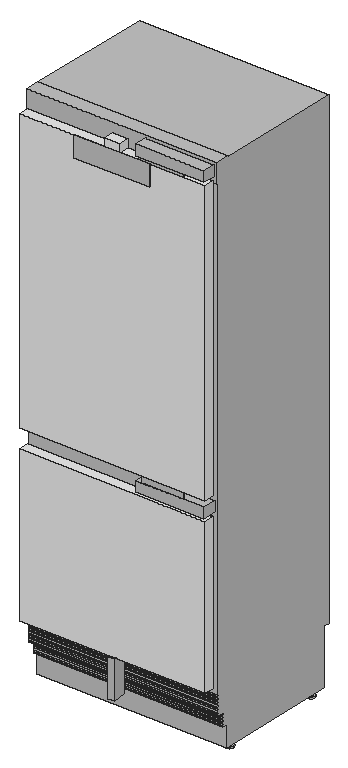
Revit family "FP_Revit_18_RS3084WRU1_Fridge_90001083A", category Specialty Equipment, Revit 2018 (continued)
Definition of nested family "Handle Professional Round - Vertical"
  Automatic sketch dimensions
    plane 1 "Center (Front/Back)" to Extrusion 2 sketch curve = 41.7 mm
    Extrusion 3 sketch curve to plane 3 "Center (Left/Right)" = 0 mm
    plane 1 "Center (Front/Back)" to Extrusion 3 sketch curve = 41.7 mm
    Sweep 4 sketch curve to profile plane = 0 mm  (x2)
    Sweep 4 sketch curve to profile plane = 3 mm  (x2)
    Sweep 5 sketch curve to profile plane = 0 mm  (x2)
    Sweep 5 sketch curve to profile plane = 3 mm  (x2)
    Extrusion 6 sketch curve to plane 3 "Center (Left/Right)" = 0 mm
    Extrusion 6 sketch curve to plane 3 "Center (Left/Right)" = 18.5 mm
    plane 1 "Center (Front/Back)" to Extrusion 6 sketch curve = 41.7 mm
    Extrusion 6 sketch curve to Extrusion 6 sketch curve = 41.7 mm
    Extrusion 7 sketch curve to plane 3 "Center (Left/Right)" = 0 mm
    Extrusion 7 sketch curve to plane 3 "Center (Left/Right)" = 18.5 mm
    plane 1 "Center (Front/Back)" to Extrusion 7 sketch curve = 41.7 mm
    Extrusion 7 sketch curve to Extrusion 7 sketch curve = 41.7 mm
    radius of Extrusion 3 sketch curve = 12.7 mm
Definition of nested family "Handle Professional Round Flush - Vertical"
  Parameters (values of type "AHP3-RD84 - Professional round flush handle (Vertical) 677mm")
    URL = "www.fisherpaykel.com"
    Material - Handle = none
    Manufacturer = "Fisher & Paykel Appliances"
    Handle - Length = 677 mm
  Types (4): name
    (no name)
    AHP3RD2484W - Professional round flush handle (1 of 2) (Vertical) 677mm
    AHP3RD3084W - Professional round flush handle (1 of 2) (Vertical) 677mm
    AHP3-RD84 - Professional round flush handle (Vertical) 677mm
  Reference planes
    plane 1 "Center (Front/Back)": y = 0
    plane 2: z = 0
    plane 3 "Center (Left/Right)": x = 0
    plane 4 "Top": z = 338.5
    plane 5 "Bottom": z = -338.5
    plane 6 "Top Standoff": z = 303.5
    plane 7 "Bottom Standoff": z = -303.5
  Forms (mm)
    Extrusion 1, solid, material <- "Material - Handle", detail levels fine
      sketch origin (0, 0, 0) x (1, 0, 0) y (0, 1, 0)
        loop
          arc (-12.817, -46.665) -> (0, -58.016) -> (12.817, -46.665) r 12.912
          line (12.817, -46.665) -> (18.5, 0) -> (-18.5, 0) -> (-12.817, -46.665)
      from 303.5 to 338.5
    Extrusion 2, solid, material <- "Material - Handle", detail levels fine
      sketch origin (0, 0, 0) x (1, 0, 0) y (0, 1, 0)
        loop
          arc (-12.817, -46.665) -> (0, -58.016) -> (12.817, -46.665) r 12.912
          line (12.817, -46.665) -> (18.5, 0) -> (-18.5, 0) -> (-12.817, -46.665)
      from -338.5 to -303.5
    Extrusion 3, solid, material <- "Material - Handle"
      sketch origin (0, 0, 0) x (1, 0, 0) y (0, 1, 0)
        loop
          circle (0, -45.116) r 12.7
      from -303.5 to 303.5
    Sweep 4, void
      path in 3D
        loop
          line (18.5, 0, 338.5) -> (12.817, -46.665, 338.5)
          arc (12.817, -46.665, 338.5) -> (0, -58.016, 338.5) -> (-12.817, -46.665, 338.5) r 12.912
          line (-12.817, -46.665, 338.5) -> (-18.5, 0, 338.5)
      profile origin (0, -58.016, 338.5) x (0, -1, 0) y (0, 0, 1)
        loop
          line (0, 0) -> (-1.5, 0) -> (0, -1.5) -> (0, 0)
    Sweep 5, void
      path in 3D
        loop
          line (-18.5, 0, -338.5) -> (-12.817, -46.665, -338.5)
          arc (-12.817, -46.665, -338.5) -> (0, -58.016, -338.5) -> (12.817, -46.665, -338.5) r 12.912
          line (12.817, -46.665, -338.5) -> (18.5, 0, -338.5)
      profile origin (0, -58.016, -338.5) x (0, -1, 0) y (0, 0, -1)
        loop
          line (0, 0) -> (-1.5, 0) -> (0, -1.5) -> (0, 0)
    Extrusion 6, solid, material <- "Material - Handle", detail levels coarse+medium
      sketch origin (0, 0, 0) x (1, 0, 0) y (0, 1, 0)
        loop
          arc (-12.817, -46.665) -> (0, -58.016) -> (12.817, -46.665) r 12.912
          line (12.817, -46.665) -> (18.5, 0) -> (-18.5, 0) -> (-12.817, -46.665)
      from 303.5 to 338.5
    Extrusion 7, solid, material <- "Material - Handle", detail levels coarse+medium
      sketch origin (0, 0, 0) x (1, 0, 0) y (0, 1, 0)
        loop
          arc (-12.817, -46.665) -> (0, -58.016) -> (12.817, -46.665) r 12.912
          line (12.817, -46.665) -> (18.5, 0) -> (-18.5, 0) -> (-12.817, -46.665)
      from -338.5 to -303.5
  Cuts and joins
    Sweep 4 cuts Extrusion 1
    Sweep 5 cuts Extrusion 2
  Lines and regions (mm)
    sketch lines
      curve 1: arc (12.817, -46.665, 338.5) -> (0, -58.016, 338.5) -> (-12.817, -46.665, 338.5) r 12.912
      curve 2: line (12.817, -46.665, 338.5) -> (18.5, 0, 338.5)
      curve 3: line (-18.5, 0, 338.5) -> (-12.817, -46.665, 338.5)
      curve 4: arc (-12.817, -46.665, -338.5) -> (0, -58.016, -338.5) -> (12.817, -46.665, -338.5) r 12.912
      curve 5: line (18.5, 0, -338.5) -> (12.817, -46.665, -338.5)
      curve 6: line (-12.817, -46.665, -338.5) -> (-18.5, 0, -338.5)
  Dimensions and locks
    equal spacing: plane 4 "Top", level, plane 5 "Bottom"
    "Handle - Length": plane 4 "Top" to plane 5 "Bottom"
    aligned and locked: level to plane 2
    aligned and locked: plane 4 "Top" to Extrusion 1
    aligned and locked: Extrusion 1 to plane 6 "Top Standoff"
    aligned and locked: Extrusion 2 to plane 5 "Bottom"
    aligned and locked: plane 1 "Center (Front/Back)" to Extrusion 2 sketch curve
    aligned and locked: plane 6 "Top Standoff" to Extrusion 3
    aligned and locked: Extrusion 3 to plane 7 "Bottom Standoff"
  Automatic sketch dimensions
    plane 1 "Center (Front/Back)" to Extrusion 1 sketch curve = 0 mm
    Extrusion 1 sketch curve to plane 3 "Center (Left/Right)" = 0 mm
    Extrusion 1 sketch curve to plane 3 "Center (Left/Right)" = 12.817 mm
    Extrusion 1 sketch curve to plane 3 "Center (Left/Right)" = 18.5 mm
    plane 3 "Center (Left/Right)" to Extrusion 1 sketch curve = 12.817 mm
    plane 3 "Center (Left/Right)" to Extrusion 1 sketch curve = 18.5 mm
    plane 1 "Center (Front/Back)" to Extrusion 1 sketch curve = 45.104 mm
    Extrusion 1 sketch curve to Extrusion 1 sketch curve = 1.561 mm
    Extrusion 2 sketch curve to plane 3 "Center (Left/Right)" = 0 mm
    Extrusion 2 sketch curve to plane 3 "Center (Left/Right)" = 12.817 mm
    Extrusion 2 sketch curve to plane 3 "Center (Left/Right)" = 18.5 mm
    plane 3 "Center (Left/Right)" to Extrusion 2 sketch curve = 12.817 mm
    plane 3 "Center (Left/Right)" to Extrusion 2 sketch curve = 18.5 mm
    plane 1 "Center (Front/Back)" to Extrusion 2 sketch curve = 45.104 mm
    Extrusion 2 sketch curve to Extrusion 2 sketch curve = 1.561 mm
    Extrusion 3 sketch curve to plane 3 "Center (Left/Right)" = 0 mm
    plane 1 "Center (Front/Back)" to Extrusion 3 sketch curve = 45.116 mm
    Sweep 4 sketch curve to profile plane = 0 mm  (x2)
    profile plane to Sweep 4 sketch curve = 1.5 mm
    Sweep 4 sketch curve to profile plane = 1.5 mm
    profile plane to Sweep 5 sketch curve = 0 mm
    Sweep 5 sketch curve to profile plane = 0 mm
    profile plane to Sweep 5 sketch curve = 1.5 mm
    Sweep 5 sketch curve to profile plane = 1.5 mm
    Extrusion 6 sketch curve to plane 3 "Center (Left/Right)" = 0 mm
    Extrusion 6 sketch curve to plane 3 "Center (Left/Right)" = 12.817 mm
    Extrusion 6 sketch curve to plane 3 "Center (Left/Right)" = 18.5 mm
    plane 3 "Center (Left/Right)" to Extrusion 6 sketch curve = 12.817 mm
    plane 3 "Center (Left/Right)" to Extrusion 6 sketch curve = 18.5 mm
    plane 1 "Center (Front/Back)" to Extrusion 6 sketch curve = 46.665 mm
    Extrusion 6 sketch curve to Extrusion 6 sketch curve = 1.561 mm
    Extrusion 6 sketch curve to Extrusion 6 sketch curve = 46.665 mm
    Extrusion 7 sketch curve to plane 3 "Center (Left/Right)" = 0 mm
    Extrusion 7 sketch curve to plane 3 "Center (Left/Right)" = 12.817 mm
    Extrusion 7 sketch curve to plane 3 "Center (Left/Right)" = 18.5 mm
    plane 3 "Center (Left/Right)" to Extrusion 7 sketch curve = 12.817 mm
    plane 3 "Center (Left/Right)" to Extrusion 7 sketch curve = 18.5 mm
    plane 1 "Center (Front/Back)" to Extrusion 7 sketch curve = 46.665 mm
    Extrusion 7 sketch curve to Extrusion 7 sketch curve = 1.561 mm
    Extrusion 7 sketch curve to Extrusion 7 sketch curve = 46.665 mm
    radius of Extrusion 3 sketch curve = 12.7 mm
Definition of nested family "Handle Professional Square - Vertical"
  Parameters (values of type "AHV2RS3272A - Professional square handle (1 of 2) (Vertical) 727mm")
    URL = "www.fisherpaykel.com"
    Material - Handle = none
    Manufacturer = "Fisher & Paykel Appliances"
    Handle - Length = 727 mm
  Types (5, lengths in mm): name | Handle - Length
    (no name) | 727
    AHV2RD2484W - Professional square handle (1 of 2) (Vertical) 727mm | 727
    AHV2RD3084W - Professional square handle (1 of 2) (Vertical) 727mm | 727
    AHV2-RD84 - Professional square handle (Vertical) 792mm | 792
    AHV2RS3272A - Professional square handle (1 of 2) (Vertical) 727mm | 727
  Reference planes
    plane 1 "Center (Front/Back)": y = 0
    plane 2: z = 0
    plane 3 "Center (Left/Right)": x = 0
    plane 4 "Top": z = 363.5
    plane 5 "Bottom": z = -363.5
    plane 6 "Top Standoff": z = 313.5
    plane 7 "Bottom Standoff": z = -313.5
  Forms (mm)
    Extrusion 1, solid, material <- "Material - Handle", detail levels fine
      sketch origin (0, 0, 0) x (0, 1, 0) y (0, 0, 1)
        loop
          line (0, 363.5) -> (-40, 363.5)
          arc (-40, 363.5) -> (-47.071, 360.571) -> (-50, 353.5) r 10
          line (-50, 353.5) -> (-50, 313.5) -> (0, 313.5) -> (0, 363.5)
        loop
          line (0, -363.5) -> (0, -313.5) -> (-50, -313.5) -> (-50, -353.5)
          arc (-50, -353.5) -> (-47.071, -360.571) -> (-40, -363.5) r 10
          line (-40, -363.5) -> (0, -363.5)
      from -17.5 to 17.5
    Sweep 2, void
      path in 3D
        loop
          line (17.5, 0, 363.5) -> (17.5, -40, 363.5)
          arc (17.5, -40, 363.5) -> (17.5, -47.071, 360.571) -> (17.5, -50, 353.5) r 10
          line (17.5, -50, 353.5) -> (17.5, -50, 313.5)
      profile origin (17.5, -20, 363.5) x (1, 0, 0) y (0, 0, 1)
        loop
          line (0, 0) -> (-2.5, 0) -> (0, -2.5) -> (0, 0)
    Sweep 3, void
      path in 3D
        loop
          line (-17.5, -50, 313.5) -> (-17.5, -50, 353.5)
          arc (-17.5, -50, 353.5) -> (-17.5, -47.071, 360.571) -> (-17.5, -40, 363.5) r 10
          line (-17.5, -40, 363.5) -> (-17.5, 0, 363.5)
      profile origin (-17.5, -20, 363.5) x (-1, 0, 0) y (0, 0, 1)
        loop
          line (0, 0) -> (-2.5, 0) -> (0, -2.5) -> (0, 0)
    Sweep 4, void
      path in 3D
        loop
          line (17.5, -50, -313.5) -> (17.5, -50, -353.5)
          arc (17.5, -50, -353.5) -> (17.5, -47.071, -360.571) -> (17.5, -40, -363.5) r 10
          line (17.5, -40, -363.5) -> (17.5, 0, -363.5)
      profile origin (17.5, -20, -363.5) x (1, 0, 0) y (0, 0, -1)
        loop
          line (0, 0) -> (-2.5, 0) -> (0, -2.5) -> (0, 0)
    Sweep 5, void
      path in 3D
        loop
          line (-17.5, 0, -363.5) -> (-17.5, -40, -363.5)
          arc (-17.5, -40, -363.5) -> (-17.5, -47.071, -360.571) -> (-17.5, -50, -353.5) r 10
          line (-17.5, -50, -353.5) -> (-17.5, -50, -313.5)
      profile origin (-17.5, -20, -363.5) x (-1, 0, 0) y (0, 0, -1)
        loop
          line (0, 0) -> (-2.5, 0) -> (0, -2.5) -> (0, 0)
    Extrusion 6, solid, material <- "Material - Handle", detail levels fine
      sketch origin (0, 0, 0) x (1, 0, 0) y (0, 1, 0)
        loop
          line (-15.5, -36.737) -> (-15.5, -46.422) -> (-14.172, -47.75) -> (14.172, -47.75) -> (15.5, -46.422) -> (15.5, -36.737)
          arc (15.5, -36.737) -> (0, -32.25) -> (-15.5, -36.737) r 29.013
      from -313.5 to 313.5
    Extrusion 7, solid, material <- "Material - Handle", detail levels coarse+medium
      sketch origin (0, 0, 0) x (0, 1, 0) y (0, 0, 1)
        loop
          line (0, 363.5) -> (-40, 363.5)
          arc (-40, 363.5) -> (-47.071, 360.571) -> (-50, 353.5) r 10
          line (-50, 353.5) -> (-50, -353.5)
          arc (-50, -353.5) -> (-47.071, -360.571) -> (-40, -363.5) r 10
          line (-40, -363.5) -> (0, -363.5) -> (0, -313.5) -> (-31.95, -313.5) -> (-31.95, 313.5) -> (0, 313.5) -> (0, 363.5)
      from -17.5 to 17.5
  Cuts and joins
    Sweep 2, Sweep 3, Sweep 4, Sweep 5 cuts Extrusion 1
  Lines and regions (mm)
    sketch lines
      curve 1: line (17.5, 0, 363.5) -> (17.5, -40, 363.5)
      curve 2: arc (17.5, -50, 353.5) -> (17.5, -47.071, 360.571) -> (17.5, -40, 363.5) r 10
      curve 3: line (17.5, -50, 353.5) -> (17.5, -50, 313.5)
      curve 4: line (-17.5, -40, 363.5) -> (-17.5, 0, 363.5)
      curve 5: arc (-17.5, -40, 363.5) -> (-17.5, -47.071, 360.571) -> (-17.5, -50, 353.5) r 10
      curve 6: line (-17.5, -50, 313.5) -> (-17.5, -50, 353.5)
      curve 7: line (17.5, -40, -363.5) -> (17.5, 0, -363.5)
      curve 8: arc (17.5, -40, -363.5) -> (17.5, -47.071, -360.571) -> (17.5, -50, -353.5) r 10
      curve 9: line (17.5, -50, -313.5) -> (17.5, -50, -353.5)
      curve 10: line (-17.5, 0, -363.5) -> (-17.5, -40, -363.5)
      curve 11: arc (-17.5, -50, -353.5) -> (-17.5, -47.071, -360.571) -> (-17.5, -40, -363.5) r 10
      curve 12: line (-17.5, -50, -353.5) -> (-17.5, -50, -313.5)
  Dimensions and locks
    equal spacing: plane 4 "Top", level, plane 5 "Bottom"
    "Handle - Length": plane 4 "Top" to plane 5 "Bottom"
    plane 7 "Bottom Standoff" to plane 5 "Bottom" = 50 mm
    plane 4 "Top" to plane 6 "Top Standoff" = 50 mm
    aligned and locked: level to plane 2
    aligned and locked: plane 4 "Top" to Extrusion 1 sketch curve
    aligned and locked: plane 5 "Bottom" to Extrusion 1 sketch curve
    aligned and locked: Extrusion 1 sketch curve to plane 1 "Center (Front/Back)"
    aligned and locked: plane 1 "Center (Front/Back)" to Extrusion 1 sketch curve
    aligned and locked: plane 6 "Top Standoff" to Extrusion 1 sketch curve
    aligned and locked: plane 7 "Bottom Standoff" to Extrusion 1 sketch curve
    aligned and locked: plane 6 "Top Standoff" to Extrusion 6
    aligned and locked: Extrusion 6 to plane 7 "Bottom Standoff"
    aligned and locked: plane 4 "Top" to Extrusion 7 sketch curve
    aligned and locked: plane 6 "Top Standoff" to Extrusion 7 sketch curve
    aligned and locked: plane 1 "Center (Front/Back)" to Extrusion 7 sketch curve
    aligned and locked: plane 7 "Bottom Standoff" to Extrusion 7 sketch curve
    aligned and locked: plane 5 "Bottom" to Extrusion 7 sketch curve
    aligned and locked: Extrusion 7 sketch curve to plane 1 "Center (Front/Back)"
  Automatic sketch dimensions
    Sweep 2 sketch curve to profile plane = 0 mm
    profile plane to Sweep 2 sketch curve = 0 mm
    profile plane to Sweep 2 sketch curve = 2.5 mm
    Sweep 2 sketch curve to profile plane = 2.5 mm
    Sweep 3 sketch curve to profile plane = 0 mm  (x2)
    profile plane to Sweep 3 sketch curve = 2.5 mm
    Sweep 3 sketch curve to profile plane = 2.5 mm
    Sweep 4 sketch curve to profile plane = 0 mm
    profile plane to Sweep 4 sketch curve = 0 mm
    profile plane to Sweep 4 sketch curve = 2.5 mm
    Sweep 4 sketch curve to profile plane = 2.5 mm
    Sweep 5 sketch curve to profile plane = 0 mm  (x2)
    profile plane to Sweep 5 sketch curve = 2.5 mm
    Sweep 5 sketch curve to profile plane = 2.5 mm
    plane 1 "Center (Front/Back)" to Extrusion 1 sketch curve = 40 mm  (x2)
    Extrusion 1 sketch curve to Extrusion 1 sketch curve = 10 mm  (x2)
    Extrusion 6 sketch curve to plane 3 "Center (Left/Right)" = 0 mm
    Extrusion 6 sketch curve to Extrusion 6 sketch curve = 1.328 mm  (x4)
    plane 1 "Center (Front/Back)" to Extrusion 6 sketch curve = 61.263 mm
    Extrusion 6 sketch curve to Extrusion 6 sketch curve = 13.513 mm
    Extrusion 6 sketch curve to Extrusion 6 sketch curve = 9.684 mm  (x2)
    Extrusion 6 sketch curve to plane 3 "Center (Left/Right)" = 14.172 mm
    plane 1 "Center (Front/Back)" to Extrusion 7 sketch curve = 31.95 mm
    plane 1 "Center (Front/Back)" to Extrusion 7 sketch curve = 40 mm  (x2)
    Extrusion 7 sketch curve to plane 4 "Top" = 10 mm
Definition of nested family "Handle Contemporary Round - Horizontal"
  Parameters (values of type "AHSRS80A - Contemporary round handle (2 of 2) (Horizontal) 646mm")
    URL = "www.fisherpaykel.com"
    Product - Width = 646 mm
    Material - Handle = none
    Manufacturer = "Fisher & Paykel Appliances"
  Types (5, lengths in mm): name | Product - Width
    (no name) | 646
    AHSRD2484W - Contemporary round handle (2 of 2) (Horizontal) 494mm | 494
    AHSRD3084W - Contemporary round handle (2 of 2) (Horizontal) 646mm | 646
    AHSRS3272A - Contemporary round handle (2 of 2) (Horizontal) 646mm | 646
    AHSRS80A - Contemporary round handle (2 of 2) (Horizontal) 646mm | 646
  Reference planes
    plane 1 "Center (Front/Back)": y = 0
    plane 2: z = 0
    plane 3 "Center (Left/Right)": x = 0
    plane 4 "Product LHS": x = -323
    plane 5 "Product RHS": x = 323
    plane 6 "LHS Standoff": x = -202.995
    plane 7 "RHS Standoff": x = 203.005
  Forms (mm)
    Extrusion 1, solid, material <- "Material - Handle"
      sketch origin (0, 0, 0) x (0, 1, 0) y (0, 0, 1)
        loop
          circle (-32.3, 0) r 8.7
      from -202.995 to 203.005
    Extrusion 2, solid, material <- "Material - Handle", detail levels fine
      sketch origin (0, 0, 0) x (0, 1, 0) y (0, 0, 1)
        loop
          line (0, 8.7) -> (-32.3, 8.7)
          arc (-32.3, 8.7) -> (-41, 0) -> (-32.3, -8.7) r 8.7
          line (-32.3, -8.7) -> (0, -8.7) -> (0, 8.7)
      from 203.005 to 323
    Extrusion 3, solid, material <- "Material - Handle", detail levels fine
      sketch origin (0, 0, 0) x (0, 1, 0) y (0, 0, -1)
        loop
          line (0, -8.7) -> (0, 8.7) -> (-32.3, 8.7)
          arc (-32.3, 8.7) -> (-41, 0) -> (-32.3, -8.7) r 8.7
          line (-32.3, -8.7) -> (0, -8.7)
      from 202.995 to 323
    Sweep 4, void
      path in 3D
        loop
          line (323, 0, 8.7) -> (323, -32.3, 8.7)
          arc (323, -32.3, 8.7) -> (323, -41, 0) -> (323, -32.3, -8.7) r 8.7
          line (323, -32.3, -8.7) -> (323, 0, -8.7)
      profile origin (323, -16.15, 8.7) x (1, 0, 0) y (0, 0, 1)
        loop
          line (0, 0) -> (-1, 0) -> (0, -1) -> (0, 0)
    Sweep 5, void
      path in 3D
        loop
          line (-323, 0, -8.7) -> (-323, -32.3, -8.7)
          arc (-323, -32.3, -8.7) -> (-323, -41, 0) -> (-323, -32.3, 8.7) r 8.7
          line (-323, -32.3, 8.7) -> (-323, 0, 8.7)
      profile origin (-323, -16.15, 8.7) x (-1, 0, 0) y (0, 0, 1)
        loop
          line (0, 0) -> (-1, 0) -> (0, -1) -> (0, 0)
    Extrusion 6, solid, material <- "Material - Handle", detail levels coarse+medium
      sketch origin (0, 0, 0) x (0, 1, 0) y (0, 0, 1)
        loop
          line (0, 8.7) -> (-32.3, 8.7)
          arc (-32.3, 8.7) -> (-41, 0) -> (-32.3, -8.7) r 8.7
          line (-32.3, -8.7) -> (0, -8.7) -> (0, 8.7)
      from 203.005 to 323
    Extrusion 7, solid, material <- "Material - Handle", detail levels coarse+medium
      sketch origin (0, 0, 0) x (0, 1, 0) y (0, 0, -1)
        loop
          line (0, -8.7) -> (0, 8.7) -> (-32.3, 8.7)
          arc (-32.3, 8.7) -> (-41, 0) -> (-32.3, -8.7) r 8.7
          line (-32.3, -8.7) -> (0, -8.7)
      from 202.995 to 323
  Cuts and joins
    Sweep 4 cuts Extrusion 2
    Sweep 5 cuts Extrusion 3
  Lines and regions (mm)
    sketch lines
      curve 1: line (323, 0, 8.7) -> (323, -32.3, 8.7)
      curve 2: arc (323, -32.3, -8.7) -> (323, -41, 0) -> (323, -32.3, 8.7) r 8.7
      curve 3: line (323, -32.3, -8.7) -> (323, 0, -8.7)
      curve 4: line (-323, -32.3, 8.7) -> (-323, 0, 8.7)
      curve 5: arc (-323, -32.3, 8.7) -> (-323, -41, 0) -> (-323, -32.3, -8.7) r 8.7
      curve 6: line (-323, 0, -8.7) -> (-323, -32.3, -8.7)
  Dimensions and locks
    equal spacing: plane 4 "Product LHS", plane 3 "Center (Left/Right)", plane 5 "Product RHS"
    "Product - Width": plane 4 "Product LHS" to plane 5 "Product RHS"
    locked: plane 4 "Product LHS" to plane 6 "LHS Standoff" at 120.005
    locked: plane 7 "RHS Standoff" to plane 5 "Product RHS" at 119.995
    equal spacing: Extrusion 2 sketch curve, level, Extrusion 2 sketch curve
    Extrusion 3 sketch curve to Extrusion 3 sketch curve = 17.4 mm
    Extrusion 6 sketch curve to Extrusion 6 sketch curve = 17.4 mm
    Extrusion 7 sketch curve to Extrusion 7 sketch curve = 17.4 mm
    aligned and locked: level to plane 2
    aligned and locked: plane 7 "RHS Standoff" to Extrusion 1
    aligned and locked: Extrusion 2 to Extrusion 1
    aligned and locked: Extrusion 2 to plane 5 "Product RHS"
    aligned and locked: plane 4 "Product LHS" to Extrusion 3
    aligned and locked: plane 6 "LHS Standoff" to Extrusion 3
    aligned and locked: Extrusion 1 to plane 6 "LHS Standoff"
    aligned and locked: Extrusion 6 to Extrusion 1
    aligned and locked: Extrusion 6 to plane 5 "Product RHS"
    aligned and locked: plane 4 "Product LHS" to Extrusion 7
    aligned and locked: Extrusion 7 to Extrusion 1
  Automatic sketch dimensions
    Extrusion 1 sketch curve to level = 0 mm
    plane 1 "Center (Front/Back)" to Extrusion 1 sketch curve = 32.3 mm
    Extrusion 2 sketch curve to plane 1 "Center (Front/Back)" = 0 mm
    Extrusion 2 sketch curve to level = 8.7 mm
    plane 1 "Center (Front/Back)" to Extrusion 2 sketch curve = 32.3 mm
    Extrusion 3 sketch curve to level = 0 mm
    Extrusion 3 sketch curve to plane 1 "Center (Front/Back)" = 0 mm
    Extrusion 3 sketch curve to level = 8.7 mm
    plane 1 "Center (Front/Back)" to Extrusion 3 sketch curve = 32.3 mm
    Sweep 4 sketch curve to profile plane = 0 mm
    profile plane to Sweep 4 sketch curve = 0 mm
    profile plane to Sweep 4 sketch curve = 1 mm
    Sweep 4 sketch curve to profile plane = 1 mm
    Sweep 5 sketch curve to profile plane = 0 mm  (x2)
    profile plane to Sweep 5 sketch curve = 1 mm
    Sweep 5 sketch curve to profile plane = 1 mm
    Extrusion 6 sketch curve to level = 0 mm
    level to Extrusion 6 sketch curve = 8.7 mm
    plane 1 "Center (Front/Back)" to Extrusion 6 sketch curve = 32.3 mm
    Extrusion 6 sketch curve to Extrusion 6 sketch curve = 32.3 mm
    Extrusion 7 sketch curve to level = 0 mm
    level to Extrusion 7 sketch curve = 8.7 mm
    plane 1 "Center (Front/Back)" to Extrusion 7 sketch curve = 32.3 mm
    Extrusion 7 sketch curve to Extrusion 7 sketch curve = 32.3 mm
    radius of Extrusion 1 sketch curve = 8.7 mm
Definition of nested family "Handle Contemporary Square - Horizontal"
  Parameters (values of type "AHD3RD3084W - Contemporary square handle (2 of 2) (Horizontal) 646mm")
    URL = "www.fisherpaykel.com"
    Material - Handle = none
    Manufacturer = "Fisher & Paykel Appliances"
    Handle - Length = 646 mm
  Types (5, lengths in mm): name | Handle - Length
    (no name) | 646
    AHD3RD2484W - Contemporary square handle (2 of 2) (Horizontal) 494mm | 494
    AHD3RD3084W - Contemporary square handle (2 of 2) (Horizontal) 646mm | 646
    AHD3RS3272A - Contemporary square handle (2 of 2) (Horizontal) 646mm | 646
    AHD3RS80A - Contemporary square handle (2 of 2) (Horizontal) 646mm | 646
  Reference planes
    plane 1 "Center (Front/Back)": y = 0
    plane 2: z = 0
    plane 3 "Center (Left/Right)": x = 0
    plane 4 "Product LHS": x = -323
    plane 5 "Product RHS": x = 323
    plane 6 "LHS Standoff": x = -202.995
    plane 7 "RHS Standoff": x = 203.005
  Forms (mm)
    Extrusion 1, solid, material <- "Material - Handle", detail levels fine
      sketch origin (0, 0, 0) x (0, 1, 0) y (0, 0, 1)
        loop
          arc (-28.701, 7.561) -> (-29.057, 7.868) -> (-29.514, 7.978) r 1
          line (-29.514, 7.978) -> (-40.5, 7.978)
          arc (-40.5, 7.978) -> (-41.561, 7.539) -> (-42, 6.478) r 1.5
          line (-42, 6.478) -> (-42, -6.522)
          arc (-42, -6.522) -> (-41.561, -7.583) -> (-40.5, -8.022) r 1.5
          line (-40.5, -8.022) -> (-29.487, -8.022)
          arc (-29.487, -8.022) -> (-29.029, -7.911) -> (-28.673, -7.602) r 1
          arc (-28.673, -7.602) -> (-26.256, -0.016) -> (-28.701, 7.561) r 13.038
      from -323 to 323
    Extrusion 2, solid, material <- "Material - Handle", detail levels fine
      sketch origin (0, 0, 0) x (0, 1, 0) y (0, 0, 1)
        loop
          arc (-28.23, 7.062) -> (-26.156, 0.008) -> (-28.198, -7.056) r 13.136
          arc (-28.198, -7.056) -> (-28.21, -7.463) -> (-27.86, -7.67) r 0.4
          line (-27.86, -7.67) -> (0, -7.67) -> (0, 7.678) -> (-27.893, 7.678)
          arc (-27.893, 7.678) -> (-28.244, 7.47) -> (-28.23, 7.062) r 0.4
      from 203.005 to 323
    Extrusion 3, solid, material <- "Material - Handle", detail levels fine
      sketch origin (0, 0, 0) x (0, 1, 0) y (0, 0, -1)
        loop
          arc (-28.23, -7.062) -> (-28.244, -7.47) -> (-27.893, -7.678) r 0.4
          line (-27.893, -7.678) -> (0, -7.678) -> (0, 7.67) -> (-27.86, 7.67)
          arc (-27.86, 7.67) -> (-28.21, 7.463) -> (-28.198, 7.056) r 0.4
          arc (-28.198, 7.056) -> (-26.156, -0.008) -> (-28.23, -7.062) r 13.136
      from 202.995 to 323
    Sweep 4, void
      path in 3D
        loop
          line (323, -29.514, 7.978) -> (323, -40.5, 7.978)
          arc (323, -40.5, 7.978) -> (323, -41.561, 7.539) -> (323, -42, 6.478) r 1.5
          line (323, -42, 6.478) -> (323, -42, -6.522)
          arc (323, -42, -6.522) -> (323, -41.561, -7.583) -> (323, -40.5, -8.022) r 1.5
          line (323, -40.5, -8.022) -> (323, -29.487, -8.022)
      profile origin (323, -35.007, 7.978) x (1, 0, 0) y (0, 0, 1)
        loop
          line (0, 0) -> (-1.3, 0) -> (0, -1.3) -> (0, 0)
    Sweep 5, void
      path in 3D
        loop
          line (-323, -29.487, -8.022) -> (-323, -40.5, -8.022)
          arc (-323, -40.5, -8.022) -> (-323, -41.561, -7.583) -> (-323, -42, -6.522) r 1.5
          line (-323, -42, -6.522) -> (-323, -42, 6.478)
          arc (-323, -42, 6.478) -> (-323, -41.561, 7.539) -> (-323, -40.5, 7.978) r 1.5
          line (-323, -40.5, 7.978) -> (-323, -29.514, 7.978)
      profile origin (-323, -35.007, 7.978) x (-1, 0, 0) y (0, 0, 1)
        loop
          line (0, 0) -> (-1.3, 0) -> (0, -1.3) -> (0, 0)
    Extrusion 6, void
      sketch origin (0, 0, 0) x (1, 0, 0) y (0, 0, 1)
        loop
          line (323, 7.978) -> (321.7, 7.978) -> (323, 6.678) -> (323, 7.978)
        loop
          line (323, -8.022) -> (323, -6.722) -> (321.7, -8.022) -> (323, -8.022)
      from 0 to 40
    Extrusion 7, void
      sketch origin (0, 0, 0) x (1, 0, 0) y (0, 0, 1)
        loop
          line (-323, 7.978) -> (-323, 6.678) -> (-321.7, 7.978) -> (-323, 7.978)
        loop
          line (-323, -8.022) -> (-321.7, -8.022) -> (-323, -6.722) -> (-323, -8.022)
      from 0 to 40
    Extrusion 8, solid, material <- "Material - Handle", detail levels coarse+medium
      sketch origin (0, 0, 0) x (1, 0, 0) y (0, 1, 0)
        loop
          line (-323, -42) -> (323, -42) -> (323, 0) -> (203.005, 0) -> (203.005, -26.156) -> (-202.995, -26.156) -> (-202.995, 0) -> (-323, 0) -> (-323, -42)
      from -8.022 to 7.978
  Cuts and joins
    Sweep 4, Sweep 5, Extrusion 6, Extrusion 7 cuts Extrusion 1
    Extrusion 6 cuts Extrusion 2
    Extrusion 7 cuts Extrusion 3
  Lines and regions (mm)
    sketch lines
      curve 1: line (323, -29.514, 7.978) -> (323, -40.5, 7.978)
      curve 2: arc (323, -42, 6.478) -> (323, -41.561, 7.539) -> (323, -40.5, 7.978) r 1.5
      curve 3: line (323, -42, 6.478) -> (323, -42, -6.522)
      curve 4: arc (323, -40.5, -8.022) -> (323, -41.561, -7.583) -> (323, -42, -6.522) r 1.5
      curve 5: line (323, -40.5, -8.022) -> (323, -29.487, -8.022)
      curve 6: line (-323, -40.5, 7.978) -> (-323, -29.514, 7.978)
      curve 7: arc (-323, -40.5, 7.978) -> (-323, -41.561, 7.539) -> (-323, -42, 6.478) r 1.5
      curve 8: line (-323, -42, -6.522) -> (-323, -42, 6.478)
      curve 9: arc (-323, -42, -6.522) -> (-323, -41.561, -7.583) -> (-323, -40.5, -8.022) r 1.5
      curve 10: line (-323, -29.487, -8.022) -> (-323, -40.5, -8.022)
  Dimensions and locks
    equal spacing: plane 4 "Product LHS", plane 3 "Center (Left/Right)", plane 5 "Product RHS"
    "Handle - Length": plane 4 "Product LHS" to plane 5 "Product RHS"
    locked: plane 4 "Product LHS" to plane 6 "LHS Standoff" at 120.005
    locked: plane 7 "RHS Standoff" to plane 5 "Product RHS" at 119.995
    aligned and locked: level to plane 2
    aligned and locked: Extrusion 1 to plane 5 "Product RHS"
    aligned and locked: plane 4 "Product LHS" to Extrusion 1
    aligned and locked: Extrusion 2 to plane 5 "Product RHS"
    aligned and locked: plane 4 "Product LHS" to Extrusion 3
    aligned and locked: plane 4 "Product LHS" to Extrusion 8 sketch curve
    aligned and locked: Extrusion 8 sketch curve to plane 5 "Product RHS"
    aligned and locked: Extrusion 8 sketch curve to plane 7 "RHS Standoff"
    aligned and locked: plane 6 "LHS Standoff" to Extrusion 8 sketch curve
    aligned and locked: Extrusion 2 to plane 7 "RHS Standoff"
    aligned and locked: plane 6 "LHS Standoff" to Extrusion 3
  Automatic sketch dimensions
    Extrusion 1 sketch curve to level = 6.522 mm
    plane 1 "Center (Front/Back)" to Extrusion 1 sketch curve = 42 mm
    Extrusion 1 sketch curve to Extrusion 1 sketch curve = 1.5 mm  (x2)
    Extrusion 1 sketch curve to level = 0.04 mm
    Extrusion 1 sketch curve to Extrusion 1 sketch curve = 1.206 mm
    level to Extrusion 1 sketch curve = 6.978 mm
    Extrusion 1 sketch curve to Extrusion 1 sketch curve = 10.986 mm
    Extrusion 1 sketch curve to Extrusion 1 sketch curve = 11.013 mm
    Extrusion 1 sketch curve to Extrusion 1 sketch curve = 1 mm
    level to Extrusion 1 sketch curve = 6.478 mm
    Extrusion 1 sketch curve to Extrusion 1 sketch curve = 0 mm
    Extrusion 2 sketch curve to plane 1 "Center (Front/Back)" = 0 mm
    Extrusion 2 sketch curve to level = 7.67 mm
    Extrusion 2 sketch curve to Extrusion 2 sketch curve = 27.86 mm
    level to Extrusion 2 sketch curve = 7.678 mm
    Extrusion 2 sketch curve to Extrusion 2 sketch curve = 0.033 mm
    Extrusion 2 sketch curve to level = 0.022 mm
    Extrusion 2 sketch curve to Extrusion 2 sketch curve = 11.398 mm
    Extrusion 2 sketch curve to Extrusion 2 sketch curve = 0.4 mm  (x2)
    Extrusion 2 sketch curve to Extrusion 2 sketch curve = 0 mm
    Extrusion 3 sketch curve to plane 1 "Center (Front/Back)" = 0 mm
    Extrusion 3 sketch curve to level = 7.67 mm
    Extrusion 3 sketch curve to Extrusion 3 sketch curve = 27.86 mm
    level to Extrusion 3 sketch curve = 7.678 mm
    Extrusion 3 sketch curve to Extrusion 3 sketch curve = 0.033 mm
    Extrusion 3 sketch curve to level = 0.022 mm
    Extrusion 3 sketch curve to Extrusion 3 sketch curve = 11.398 mm
    Extrusion 3 sketch curve to Extrusion 3 sketch curve = 0.4 mm  (x2)
    Extrusion 3 sketch curve to Extrusion 3 sketch curve = 0 mm
    profile plane to Sweep 4 sketch curve = 0 mm
    Sweep 4 sketch curve to profile plane = 0 mm
    Sweep 4 sketch curve to profile plane = 1.3 mm
    profile plane to Sweep 4 sketch curve = 1.3 mm
    Sweep 5 sketch curve to profile plane = 0 mm  (x2)
    profile plane to Sweep 5 sketch curve = 1.3 mm
    Sweep 5 sketch curve to profile plane = 1.3 mm
    plane 5 "Product RHS" to Extrusion 6 sketch curve = 0 mm  (x2)
    Extrusion 6 sketch curve to Extrusion 6 sketch curve = 1.3 mm  (x4)
    Extrusion 6 sketch curve to level = 6.722 mm
    level to Extrusion 6 sketch curve = 6.678 mm
    plane 4 "Product LHS" to Extrusion 7 sketch curve = 0 mm  (x2)
    Extrusion 7 sketch curve to plane 4 "Product LHS" = 1.3 mm  (x2)
    Extrusion 7 sketch curve to level = 8.022 mm
    level to Extrusion 7 sketch curve = 6.678 mm
    Extrusion 7 sketch curve to Extrusion 7 sketch curve = 1.3 mm  (x2)
    plane 1 "Center (Front/Back)" to Extrusion 8 sketch curve = 0 mm  (x2)
    Extrusion 8 sketch curve to Extrusion 8 sketch curve = 26.156 mm
    Extrusion 8 sketch curve to Extrusion 8 sketch curve = 42 mm
Definition of nested family "F&P Handle Kit - Contemporary Square Fine - Horizontal"
  Parameters (values of type "AHD5RD2484W - Contemporary square fine handle (2 of 2) (Horizontal) 494mm")
    URL = "www.fisherpaykel.com"
    Material - Handle = none
    Manufacturer = "Fisher & Paykel Appliances"
    Handle - Length = 494 mm
  Types (15, lengths in mm): name | Handle - Length
    (no name) | 494
    AHD5RD2484W - Contemporary square fine handle (2 of 2) (Horizontal) 494mm | 494
    AHD5RD2484WB - Contemporary square fine black handle (2 of 2) (Horizontal) 494mm | 494
    AHD5RD3084W - Contemporary square fine handle (2 of 2) (Horizontal) 646mm | 646
    AHD5RD3084WB - Contemporary square fine black handle (2 of 2) (Horizontal) 646mm | 646
    AHD5RD7621W - Contemporary square fine handle (2 of 2) (Horizontal) 646mm | 646
    AHD5RD7621WB - Contemporary square fine handle black (2 of 2) (Horizontal) 646mm | 646
    AHD5RD6121W - Contemporary square fine handle (2 of 2) (Horizontal) 494mm | 494
    AHD5RD6121WB - Contemporary square fine handle black (2 of 2) (Horizontal) 494mm | 494
    AHD5RD36A - Contemporary square fine handle (2 of 2) (Horizontal) 746mm | 746
    AHD5RD36AB - Contemporary square fine black handle (2 of 2) (Horizontal) 746mm | 746
    AHD5RD90A - Contemporary square fine handle (2 of 2) (Horizontal) 746mm | 746
    AHD5RD80A - Contemporary square fine handle (2 of 2) (Horizontal) 646mm | 646
    AHD5RD80AB - Contemporary square fine black handle (2 of 2) (Horizontal) 646mm | 646
    AHD5RD90AB - Contemporary square fine black handle (2 of 2) (Horizontal) 746mm | 746
  Reference planes
    plane 1 "Center (Front/Back)": y = 0
    plane 2: z = 0
    plane 3 "Center (Left/Right)": x = 0
    plane 4 "Product LHS": x = -247
    plane 5 "Product RHS": x = 247
    plane 6 "LHS Standoff": x = -126.995
    plane 7 "RHS Standoff": x = 127.005
  Forms (mm)
    Extrusion 1, solid, material <- "Material - Handle", detail levels fine
      sketch origin (0, 0, 0) x (0, 1, 0) y (0, 0, 1)
        loop
          arc (-26.813, 6.16) -> (-27.196, 6.554) -> (-27.728, 6.686) r 1
          line (-27.728, 6.686) -> (-40.035, 6.256)
          arc (-40.035, 6.256) -> (-40.719, 5.951) -> (-41, 5.257) r 1
          line (-41, 5.257) -> (-41, -5.257)
          arc (-41, -5.257) -> (-40.719, -5.951) -> (-40.035, -6.256) r 1
          line (-40.035, -6.256) -> (-27.709, -6.686)
          arc (-27.709, -6.686) -> (-27.175, -6.554) -> (-26.792, -6.158) r 1
          arc (-26.792, -6.158) -> (-25.256, 0.004) -> (-26.813, 6.16) r 13.038
      from -247 to 247
    Extrusion 2, solid, material <- "Material - Handle", detail levels fine
      sketch origin (0, 0, 0) x (0, 1, 0) y (0, 0, 1)
        loop
          arc (-26.626, -6.008) -> (-26.614, -6.49) -> (-26.2, -6.737) r 0.5
          line (-26.2, -6.737) -> (0, -7.696) -> (0, 7.704) -> (-26.174, 6.747)
          arc (-26.174, 6.747) -> (-26.587, 6.5) -> (-26.6, 6.019) r 0.5
          arc (-26.6, 6.019) -> (-25.156, 0.002) -> (-26.626, -6.008) r 13.136
      from 127.005 to 247
    Extrusion 3, solid, material <- "Material - Handle", detail levels coarse+medium
      sketch origin (0, 0, 0) x (1, 0, 0) y (0, 1, 0)
        loop
          line (-247, -42) -> (247, -42) -> (247, 0) -> (127.005, 0) -> (127.005, -26.156) -> (-126.995, -26.156) -> (-126.995, 0) -> (-247, 0) -> (-247, -42)
      from -8.022 to 7.978
    Extrusion 4, solid, material <- "Material - Handle", detail levels fine
      sketch origin (0, 0, 0) x (0, 1, 0) y (0, 0, 1)
        loop
          arc (-26.626, -6.008) -> (-26.614, -6.49) -> (-26.2, -6.737) r 0.5
          line (-26.2, -6.737) -> (0, -7.696) -> (0, 7.704) -> (-26.174, 6.747)
          arc (-26.174, 6.747) -> (-26.587, 6.5) -> (-26.6, 6.019) r 0.5
          arc (-26.6, 6.019) -> (-25.156, 0.002) -> (-26.626, -6.008) r 13.136
      from -247 to -126.995
  Dimensions and locks
    equal spacing: plane 4 "Product LHS", plane 3 "Center (Left/Right)", plane 5 "Product RHS"
    "Handle - Length": plane 4 "Product LHS" to plane 5 "Product RHS"
    locked: plane 4 "Product LHS" to plane 6 "LHS Standoff" at 120.005
    locked: plane 7 "RHS Standoff" to plane 5 "Product RHS" at 119.995
    aligned and locked: level to plane 2
    aligned and locked: Extrusion 1 to plane 5 "Product RHS"
    aligned and locked: plane 4 "Product LHS" to Extrusion 1
    aligned and locked: Extrusion 2 to plane 5 "Product RHS"
    aligned and locked: plane 4 "Product LHS" to Extrusion 3 sketch curve
    aligned and locked: Extrusion 3 sketch curve to plane 5 "Product RHS"
    aligned and locked: Extrusion 3 sketch curve to plane 7 "RHS Standoff"
    aligned and locked: plane 6 "LHS Standoff" to Extrusion 3 sketch curve
    aligned and locked: plane 4 "Product LHS" to Extrusion 4
    aligned and locked: plane 6 "LHS Standoff" to Extrusion 4
    aligned and locked: Extrusion 2 to plane 7 "RHS Standoff"
  Automatic sketch dimensions
    Extrusion 1 sketch curve to level = 5.257 mm
    plane 1 "Center (Front/Back)" to Extrusion 1 sketch curve = 41 mm
    level to Extrusion 1 sketch curve = 6.256 mm
    Extrusion 1 sketch curve to Extrusion 1 sketch curve = 0.965 mm  (x2)
    Extrusion 1 sketch curve to level = 6.256 mm
    Extrusion 1 sketch curve to Extrusion 1 sketch curve = 0.035 mm  (x3)
    Extrusion 1 sketch curve to level = 0.018 mm
    Extrusion 1 sketch curve to Extrusion 1 sketch curve = 1.706 mm
    level to Extrusion 1 sketch curve = 6.686 mm
    Extrusion 1 sketch curve to Extrusion 1 sketch curve = 12.307 mm
    Extrusion 1 sketch curve to level = 6.686 mm
    Extrusion 1 sketch curve to Extrusion 1 sketch curve = 12.326 mm
    Extrusion 1 sketch curve to Extrusion 1 sketch curve = 0.999 mm  (x2)
    Extrusion 1 sketch curve to Extrusion 1 sketch curve = 0 mm
    Extrusion 2 sketch curve to plane 1 "Center (Front/Back)" = 0 mm
    level to Extrusion 2 sketch curve = 6.247 mm
    plane 1 "Center (Front/Back)" to Extrusion 2 sketch curve = 26.155 mm
    level to Extrusion 2 sketch curve = 6.747 mm
    Extrusion 2 sketch curve to Extrusion 2 sketch curve = 0.018 mm  (x2)
    Extrusion 2 sketch curve to level = 6.238 mm
    Extrusion 2 sketch curve to Extrusion 2 sketch curve = 0.026 mm
    Extrusion 2 sketch curve to level = 6.737 mm
    level to Extrusion 2 sketch curve = 0.03 mm
    Extrusion 2 sketch curve to Extrusion 2 sketch curve = 12.11 mm
    Extrusion 2 sketch curve to level = 7.696 mm
    level to Extrusion 2 sketch curve = 7.704 mm
    Extrusion 2 sketch curve to Extrusion 2 sketch curve = 0 mm
    plane 1 "Center (Front/Back)" to Extrusion 3 sketch curve = 42 mm
    Extrusion 3 sketch curve to Extrusion 3 sketch curve = 15.844 mm
    Extrusion 3 sketch curve to Extrusion 3 sketch curve = 26.156 mm  (x2)
    level to Extrusion 4 sketch curve = 0.03 mm
    plane 1 "Center (Front/Back)" to Extrusion 4 sketch curve = 38.291 mm
    Extrusion 4 sketch curve to level = 6.737 mm
    Extrusion 4 sketch curve to Extrusion 4 sketch curve = 12.091 mm
    Extrusion 4 sketch curve to Extrusion 4 sketch curve = 0.018 mm  (x2)
    level to Extrusion 4 sketch curve = 6.747 mm
    Extrusion 4 sketch curve to Extrusion 4 sketch curve = 0.008 mm
    level to Extrusion 4 sketch curve = 7.704 mm
    Extrusion 4 sketch curve to Extrusion 4 sketch curve = 26.174 mm
    Extrusion 4 sketch curve to level = 7.696 mm
    Extrusion 4 sketch curve to Extrusion 4 sketch curve = 0.5 mm  (x2)
    Extrusion 4 sketch curve to Extrusion 4 sketch curve = 0 mm
Definition of nested family "Handle Professional Round - Horizontal"
  Parameters (values of type "AHCRD2484W - Professional round handle (2 of 2) (Horizontal) 428mm")
    URL = "www.fisherpaykel.com"
    Material - Standoff = none
    Material - Handle = none
    Manufacturer = "Fisher & Paykel Appliances"
    Handle - Length = 428 mm
  Types (4, lengths in mm): name | Handle - Length
    (no name) | 428
    AHCRD2484W - Professional round handle (2 of 2) (Horizontal) 428mm | 428
    AHCRD3084W - Professional round handle (2 of 2) (Horizontal) 580mm | 646
    AHCRS3272A - Professional round handle (2 of 2) (Horizontal) 580mm | 646
  Reference planes
    plane 1 "Center (Front/Back)": y = 0
    plane 2: z = 0
    plane 3 "Center (Left/Right)": x = 0
    plane 4 "Product LHS": x = -214
    plane 5 "Product RHS": x = 214
    plane 6 "LHS Standoff": x = -170
    plane 7 "RHS Standoff": x = 170
  Forms (mm)
    Extrusion 1, solid, material <- "Material - Standoff", detail levels fine
      sketch origin (0, 0, 0) x (0, 1, 0) y (0, 0, 1)
        loop
          line (0, 18.5) -> (-41.7, 18.5)
          arc (-41.7, 18.5) -> (-60.2, 0) -> (-41.7, -18.5) r 18.5
          line (-41.7, -18.5) -> (0, -18.5) -> (0, 18.5)
      from 170 to 214
    Extrusion 2, solid, material <- "Material - Standoff", detail levels fine
      sketch origin (0, 0, 0) x (0, 1, 0) y (0, 0, 1)
        loop
          line (0, 18.5) -> (-41.7, 18.5)
          arc (-41.7, 18.5) -> (-60.2, 0) -> (-41.7, -18.5) r 18.5
          line (-41.7, -18.5) -> (0, -18.5) -> (0, 18.5)
      from -214 to -170
    Sweep 3, void
      path in 3D
        loop
          line (214, 0, 18.5) -> (214, -41.7, 18.5)
          arc (214, -41.7, 18.5) -> (214, -60.2, 0) -> (214, -41.7, -18.5) r 18.5
          line (214, -41.7, -18.5) -> (214, 0, -18.5)
      profile origin (214, -20.85, 18.5) x (1, 0, 0) y (0, 0, 1)
        loop
          line (0, 0) -> (-3, 0) -> (0, -3) -> (0, 0)
    Sweep 4, void
      path in 3D
        loop
          line (-214, 0, -18.5) -> (-214, -41.7, -18.5)
          arc (-214, -41.7, -18.5) -> (-214, -60.2, 0) -> (-214, -41.7, 18.5) r 18.5
          line (-214, -41.7, 18.5) -> (-214, 0, 18.5)
      profile origin (-214, -20.85, 18.5) x (-1, 0, 0) y (0, 0, 1)
        loop
          line (0, 0) -> (-3, 0) -> (0, -3) -> (0, 0)
    Extrusion 5, solid, material <- "Material - Handle"
      sketch origin (0, -2.3, 0) x (0, 1, 0) y (0, 0, 1)
        loop
          circle (-39.4, 0) r 12.7
      from -170 to 170
    Extrusion 6, solid, material <- "Material - Standoff", detail levels coarse+medium
      sketch origin (0, 0, 0) x (0, 1, 0) y (0, 0, 1)
        loop
          line (0, 18.5) -> (-41.7, 18.5)
          arc (-41.7, 18.5) -> (-60.2, 0) -> (-41.7, -18.5) r 18.5
          line (-41.7, -18.5) -> (0, -18.5) -> (0, 18.5)
      from 214 to 170
    Extrusion 7, solid, material <- "Material - Standoff", detail levels coarse+medium
      sketch origin (0, 0, 0) x (0, 1, 0) y (0, 0, 1)
        loop
          line (0, 18.5) -> (-41.7, 18.5)
          arc (-41.7, 18.5) -> (-60.2, 0) -> (-41.7, -18.5) r 18.5
          line (-41.7, -18.5) -> (0, -18.5) -> (0, 18.5)
      from -170 to -214
  Cuts and joins
    Sweep 3 cuts Extrusion 1
    Sweep 4 cuts Extrusion 2
  Lines and regions (mm)
    sketch lines
      curve 1: line (214, 0, 18.5) -> (214, -41.7, 18.5)
      curve 2: arc (214, -41.7, -18.5) -> (214, -60.2, 0) -> (214, -41.7, 18.5) r 18.5
      curve 3: line (214, -41.7, -18.5) -> (214, 0, -18.5)
      curve 4: line (-214, -41.7, 18.5) -> (-214, 0, 18.5)
      curve 5: arc (-214, -41.7, 18.5) -> (-214, -60.2, 0) -> (-214, -41.7, -18.5) r 18.5
      curve 6: line (-214, 0, -18.5) -> (-214, -41.7, -18.5)
  Dimensions and locks
    equal spacing: plane 4 "Product LHS", plane 3 "Center (Left/Right)", plane 5 "Product RHS"
    "Handle - Length": plane 4 "Product LHS" to plane 5 "Product RHS"
    plane 4 "Product LHS" to plane 6 "LHS Standoff" = 44 mm
    plane 7 "RHS Standoff" to plane 5 "Product RHS" = 44 mm
    aligned and locked: level to plane 2
    aligned and locked: Extrusion 1 to plane 7 "RHS Standoff"
    aligned and locked: Extrusion 1 to plane 5 "Product RHS"
    aligned and locked: plane 4 "Product LHS" to Extrusion 2
    aligned and locked: plane 6 "LHS Standoff" to Extrusion 2
    aligned and locked: Extrusion 5 to plane 6 "LHS Standoff"
    aligned and locked: plane 7 "RHS Standoff" to Extrusion 5
    aligned and locked: plane 5 "Product RHS" to Extrusion 6
    aligned and locked: plane 7 "RHS Standoff" to Extrusion 6
    aligned and locked: Extrusion 7 to plane 4 "Product LHS"
    aligned and locked: Extrusion 7 to plane 6 "LHS Standoff"
  Automatic sketch dimensions
    Extrusion 1 sketch curve to level = 0 mm
    Extrusion 1 sketch curve to plane 1 "Center (Front/Back)" = 0 mm
    Extrusion 1 sketch curve to level = 18.5 mm
    plane 1 "Center (Front/Back)" to Extrusion 1 sketch curve = 41.7 mm
    Extrusion 2 sketch curve to level = 0 mm
    Extrusion 2 sketch curve to plane 1 "Center (Front/Back)" = 0 mm
    Extrusion 2 sketch curve to level = 18.5 mm
    plane 1 "Center (Front/Back)" to Extrusion 2 sketch curve = 41.7 mm
    Sweep 3 sketch curve to profile plane = 0 mm
    profile plane to Sweep 3 sketch curve = 0 mm
    profile plane to Sweep 3 sketch curve = 3 mm
    Sweep 3 sketch curve to profile plane = 3 mm
    Sweep 4 sketch curve to profile plane = 0 mm  (x2)
    profile plane to Sweep 4 sketch curve = 3 mm
    Sweep 4 sketch curve to profile plane = 3 mm
    Extrusion 5 sketch curve to level = 0 mm
    plane 1 "Center (Front/Back)" to Extrusion 5 sketch curve = 41.7 mm
    Extrusion 6 sketch curve to level = 0 mm
    level to Extrusion 6 sketch curve = 18.5 mm
    plane 1 "Center (Front/Back)" to Extrusion 6 sketch curve = 41.7 mm
    Extrusion 6 sketch curve to Extrusion 6 sketch curve = 41.7 mm
    Extrusion 7 sketch curve to level = 0 mm
    level to Extrusion 7 sketch curve = 18.5 mm
    plane 1 "Center (Front/Back)" to Extrusion 7 sketch curve = 41.7 mm
    Extrusion 7 sketch curve to Extrusion 7 sketch curve = 41.7 mm
    radius of Extrusion 5 sketch curve = 12.7 mm
Definition of nested family "Handle Professional Round Flush - Horizontal"
  Parameters (values of type "AHP3RD36W - Professional round flush handle (2 of 2) (Horizontal) 727mm")
    URL = "www.fisherpaykel.com"
    Material - Handle = none
    Manufacturer = "Fisher & Paykel Appliances"
    Handle - Length = 727 mm
  Types (3, lengths in mm): name | Handle - Length
    AHP3RD2484W - Professional round flush handle (2 of 2) (Horizontal) 443mm | 443
    AHP3RD3084W - Professional round flush handle (2 of 2) (Horizontal) 596mm | 596
    AHP3RD36W - Professional round flush handle (2 of 2) (Horizontal) 727mm | 727
  Reference planes
    plane 1 "Center (Front/Back)": y = 0
    plane 2: z = 0
    plane 3 "Center (Left/Right)": x = 0
    plane 4 "Product LHS": x = -363.5
    plane 5 "Product RHS": x = 363.5
    plane 6 "LHS Standoff": x = -303.5
    plane 7 "RHS Standoff": x = 303.5
  Forms (mm)
    Extrusion 1, solid, material <- "Material - Handle", detail levels fine
      sketch origin (0, 0, 0) x (0, 1, 0) y (0, 0, 1)
        loop
          line (0, 12.8) -> (-45.117, 12.8)
          arc (-45.117, 12.8) -> (-57.807, 1.671) -> (-48.43, -12.364) r 12.8
          line (-48.43, -12.364) -> (0, -25.341) -> (0, 12.8)
      from 303.5 to 363.5
    Extrusion 2, solid, material <- "Material - Handle"
      sketch origin (0, 0, 0) x (0, 1, 0) y (0, 0, 1)
        loop
          circle (-45.117, 0) r 12.8
      from -303.5 to 303.5
    Sweep 3, void
      path origin (363.5, 0, 0) x (0, -1, 0) y (0, 0, 1)
        loop
          line (-1, 12.8) -> (45.117, 12.8)
          arc (45.117, 12.8) -> (57.807, 1.671) -> (48.43, -12.364) r 12.8
          line (48.43, -12.364) -> (-1, -25.609)
      profile origin (363.5, -22.058, 12.8) x (0, 0, 1) y (-1, 0, 0)
        loop
          line (1, -1) -> (1, 2.6) -> (-2.6, -1) -> (1, -1)
    Extrusion 4, solid, material <- "Material - Handle", detail levels fine
      sketch origin (0, 0, 0) x (0, 1, 0) y (0, 0, -1)
        loop
          line (0, -12.8) -> (0, 25.341) -> (-48.43, 12.364)
          arc (-48.43, 12.364) -> (-57.807, -1.671) -> (-45.117, -12.8) r 12.8
          line (-45.117, -12.8) -> (0, -12.8)
      from 303.5 to 363.5
    Sweep 5, void
      path origin (-363.5, 0, 0) x (0, -1, 0) y (0, 0, -1)
        loop
          line (-1, -12.8) -> (45.117, -12.8)
          arc (45.117, -12.8) -> (57.807, -1.671) -> (48.43, 12.364) r 12.8
          line (48.43, 12.364) -> (-1, 25.609)
      profile origin (-363.5, -22.058, 12.8) x (0, 0, -1) y (1, 0, 0)
        loop
          line (-1, -1) -> (2.6, -1) -> (-1, 2.6) -> (-1, -1)
    Extrusion 6, solid, material <- "Material - Handle", detail levels coarse+medium
      sketch origin (0, 0, 0) x (0, 1, 0) y (0, 0, 1)
        loop
          line (0, 12.8) -> (-45.117, 12.8)
          arc (-45.117, 12.8) -> (-57.807, 1.671) -> (-48.43, -12.364) r 12.8
          line (-48.43, -12.364) -> (0, -25.341) -> (0, 12.8)
      from 303.5 to 363.5
    Extrusion 7, solid, material <- "Material - Handle", detail levels coarse+medium
      sketch origin (0, 0, 0) x (0, 1, 0) y (0, 0, -1)
        loop
          line (0, -12.8) -> (0, 25.341) -> (-48.43, 12.364)
          arc (-48.43, 12.364) -> (-57.807, -1.671) -> (-45.117, -12.8) r 12.8
          line (-45.117, -12.8) -> (0, -12.8)
      from 303.5 to 363.5
  Cuts and joins
    Sweep 3, Sweep 5 cuts Extrusion 1
    Sweep 5 cuts Extrusion 4
  Dimensions and locks
    equal spacing: plane 4 "Product LHS", plane 3 "Center (Left/Right)", plane 5 "Product RHS"
    "Handle - Length": plane 4 "Product LHS" to plane 5 "Product RHS"
    plane 7 "RHS Standoff" to plane 5 "Product RHS" = 60 mm
    plane 4 "Product LHS" to plane 6 "LHS Standoff" = 60 mm
    aligned and locked: level to plane 2
    aligned and locked: Extrusion 1 to plane 5 "Product RHS"
    aligned and locked: Extrusion 1 to plane 7 "RHS Standoff"
    aligned and locked: plane 6 "LHS Standoff" to Extrusion 4
    aligned and locked: plane 4 "Product LHS" to Extrusion 4
    aligned and locked: plane 7 "RHS Standoff" to Extrusion 2
    aligned and locked: Extrusion 2 to plane 6 "LHS Standoff"
    aligned and locked: plane 6 "LHS Standoff" to Extrusion 7
    aligned and locked: plane 4 "Product LHS" to Extrusion 7
    aligned and locked: Extrusion 6 to plane 7 "RHS Standoff"
    aligned and locked: Extrusion 6 to plane 5 "Product RHS"
  Automatic sketch dimensions
    Extrusion 1 sketch curve to level = 0 mm
    Extrusion 1 sketch curve to plane 1 "Center (Front/Back)" = 0 mm
    plane 1 "Center (Front/Back)" to Extrusion 1 sketch curve = 45.117 mm
    Extrusion 1 sketch curve to level = 12.364 mm
    Extrusion 1 sketch curve to Extrusion 1 sketch curve = 3.313 mm
    Extrusion 1 sketch curve to level = 25.341 mm
    Sweep 3 sketch curve to level = 0 mm
    plane 1 "Center (Front/Back)" to Sweep 3 sketch curve = 45.117 mm
    Sweep 3 sketch curve to level = 12.364 mm
    Sweep 3 sketch curve to Sweep 3 sketch curve = 3.313 mm
    Sweep 3 sketch curve to plane 1 "Center (Front/Back)" = 1 mm  (x2)
    Sweep 3 sketch curve to level = 25.609 mm
    Sweep 3 sketch curve to plane 5 "Product RHS" = 1 mm
    profile plane to Sweep 3 sketch curve = 2.6 mm
    Sweep 3 sketch curve to profile plane = 1 mm
    plane 5 "Product RHS" to Sweep 3 sketch curve = 2.6 mm
    Extrusion 4 sketch curve to level = 0 mm
    Extrusion 4 sketch curve to plane 1 "Center (Front/Back)" = 0 mm
    plane 1 "Center (Front/Back)" to Extrusion 4 sketch curve = 45.117 mm
    Extrusion 4 sketch curve to level = 12.364 mm
    Extrusion 4 sketch curve to Extrusion 4 sketch curve = 3.313 mm
    Extrusion 4 sketch curve to level = 25.341 mm
    Sweep 5 sketch curve to level = 0 mm
    plane 1 "Center (Front/Back)" to Sweep 5 sketch curve = 45.117 mm
    Sweep 5 sketch curve to level = 12.364 mm
    Sweep 5 sketch curve to Sweep 5 sketch curve = 3.313 mm
    Sweep 5 sketch curve to plane 1 "Center (Front/Back)" = 1 mm  (x2)
    Sweep 5 sketch curve to level = 25.609 mm
    profile plane to Sweep 5 sketch curve = 1 mm
    Sweep 5 sketch curve to profile plane = 1 mm
    Sweep 5 sketch curve to profile plane = 2.6 mm
    profile plane to Sweep 5 sketch curve = 2.6 mm
    Extrusion 6 sketch curve to level = 0 mm
    Extrusion 6 sketch curve to level = 12.364 mm
    plane 1 "Center (Front/Back)" to Extrusion 6 sketch curve = 48.43 mm
    level to Extrusion 6 sketch curve = 12.8 mm
    Extrusion 6 sketch curve to Extrusion 6 sketch curve = 45.117 mm
    Extrusion 6 sketch curve to level = 25.341 mm
    Extrusion 7 sketch curve to level = 0 mm
    Extrusion 7 sketch curve to level = 12.364 mm
    plane 1 "Center (Front/Back)" to Extrusion 7 sketch curve = 48.43 mm
    level to Extrusion 7 sketch curve = 12.8 mm
    Extrusion 7 sketch curve to Extrusion 7 sketch curve = 45.117 mm
    Extrusion 7 sketch curve to level = 25.341 mm
    Extrusion 2 sketch curve to level = 0 mm
    plane 1 "Center (Front/Back)" to Extrusion 2 sketch curve = 45.117 mm
    radius of Extrusion 2 sketch curve = 12.8 mm
Definition of nested family "Handle Professional Square - Horizontal"
  Parameters (values of type "AHV2RD3084W - Professional square handle (2 of 2) (Horizontal) 586mm")
    URL = "www.fisherpaykel.com"
    Material - Handle = none
    Manufacturer = "Fisher & Paykel Appliances"
    Handle - Length = 586 mm
  Types (4, lengths in mm): name | Handle - Length
    (no name) | 586
    AHV2RD2484W - Professional square handle (2 of 2) (Horizontal) 434mm | 434
    AHV2RD3084W - Professional square handle (2 of 2) (Horizontal) 586mm | 586
    AHV2RS3272A - Professional square handle (2 of 2) (Horizontal) 586mm | 586
  Reference planes
    plane 1 "Center (Front/Back)": y = 0
    plane 2: z = 0
    plane 3 "Center (Left/Right)": x = 0
    plane 4 "Product LHS": x = -293
    plane 5 "Product RHS": x = 293
    plane 6 "LHS Standoff": x = -243
    plane 7 "RHS Standoff": x = 243
  Forms (mm)
    Extrusion 1, solid, material <- "Material - Handle", detail levels fine
      sketch origin (0, 0, 0) x (1, 0, 0) y (0, 1, 0)
        loop
          line (-293, 0) -> (-293, -40)
          arc (-293, -40) -> (-290.071, -47.071) -> (-283, -50) r 10
          line (-283, -50) -> (-243, -50) -> (-243, 0) -> (-293, 0)
        loop
          line (293, 0) -> (243, 0) -> (243, -50) -> (283, -50)
          arc (283, -50) -> (290.071, -47.071) -> (293, -40) r 10
          line (293, -40) -> (293, 0)
      from -17.5 to 17.5
    Extrusion 2, solid, material <- "Material - Handle", detail levels fine
      sketch origin (0, 0, 0) x (0, 1, 0) y (0, 0, 1)
        loop
          line (-36.787, 15.5) -> (-46.472, 15.5) -> (-47.8, 14.172) -> (-47.8, -14.172) -> (-46.472, -15.5) -> (-36.787, -15.5)
          arc (-36.787, -15.5) -> (-32.3, 0) -> (-36.787, 15.5) r 29.013
      from -243 to 243
    Sweep 3, void
      path in 3D
        loop
          line (243, -50, 17.5) -> (283, -50, 17.5)
          arc (283, -50, 17.5) -> (290.071, -47.071, 17.5) -> (293, -40, 17.5) r 10
          line (293, -40, 17.5) -> (293, 0, 17.5)
      profile origin (293, -20, 17.5) x (-1, 0, 0) y (0, 0, 1)
        loop
          line (0, 0) -> (0, -2.5) -> (2.5, 0) -> (0, 0)
    Sweep 4, void
      path in 3D
        loop
          line (293, 0, -17.5) -> (293, -40, -17.5)
          arc (293, -40, -17.5) -> (290.071, -47.071, -17.5) -> (283, -50, -17.5) r 10
          line (283, -50, -17.5) -> (243, -50, -17.5)
      profile origin (293, -20, -17.5) x (-1, 0, 0) y (0, 0, -1)
        loop
          line (0, 0) -> (0, -2.5) -> (2.5, 0) -> (0, 0)
    Sweep 5, void
      path in 3D
        loop
          line (-293, 0, 17.5) -> (-293, -40, 17.5)
          arc (-293, -40, 17.5) -> (-290.071, -47.071, 17.5) -> (-283, -50, 17.5) r 10
          line (-283, -50, 17.5) -> (-243, -50, 17.5)
      profile origin (-293, -20, 17.5) x (1, 0, 0) y (0, 0, 1)
        loop
          line (0, 0) -> (0, -2.5) -> (2.5, 0) -> (0, 0)
    Sweep 6, void
      path in 3D
        loop
          line (-243, -50, -17.5) -> (-283, -50, -17.5)
          arc (-283, -50, -17.5) -> (-290.071, -47.071, -17.5) -> (-293, -40, -17.5) r 10
          line (-293, -40, -17.5) -> (-293, 0, -17.5)
      profile origin (-293, -20, -17.5) x (1, 0, 0) y (0, 0, -1)
        loop
          line (0, 0) -> (0, -2.5) -> (2.5, 0) -> (0, 0)
    Extrusion 7, solid, material <- "Material - Handle", detail levels coarse+medium
      sketch origin (0, 0, 0) x (1, 0, 0) y (0, 1, 0)
        loop
          line (-243, 0) -> (-293, 0) -> (-293, -40)
          arc (-293, -40) -> (-290.071, -47.071) -> (-283, -50) r 10
          line (-283, -50) -> (283, -50)
          arc (283, -50) -> (290.071, -47.071) -> (293, -40) r 10
          line (293, -40) -> (293, 0) -> (243, 0) -> (243, -32) -> (-243, -32) -> (-243, 0)
      from -17.5 to 17.5
  Cuts and joins
    Sweep 3, Sweep 4, Sweep 5, Sweep 6 cuts Extrusion 1
  Lines and regions (mm)
    sketch lines
      curve 1: line (293, -40, 17.5) -> (293, 0, 17.5)
      curve 2: arc (293, -40, 17.5) -> (290.071, -47.071, 17.5) -> (283, -50, 17.5) r 10
      curve 3: line (243, -50, 17.5) -> (283, -50, 17.5)
      curve 4: line (293, 0, -17.5) -> (293, -40, -17.5)
      curve 5: arc (283, -50, -17.5) -> (290.071, -47.071, -17.5) -> (293, -40, -17.5) r 10
      curve 6: line (283, -50, -17.5) -> (243, -50, -17.5)
      curve 7: line (-293, 0, 17.5) -> (-293, -40, 17.5)
      curve 8: arc (-283, -50, 17.5) -> (-290.071, -47.071, 17.5) -> (-293, -40, 17.5) r 10
      curve 9: line (-283, -50, 17.5) -> (-243, -50, 17.5)
      curve 10: line (-293, -40, -17.5) -> (-293, 0, -17.5)
